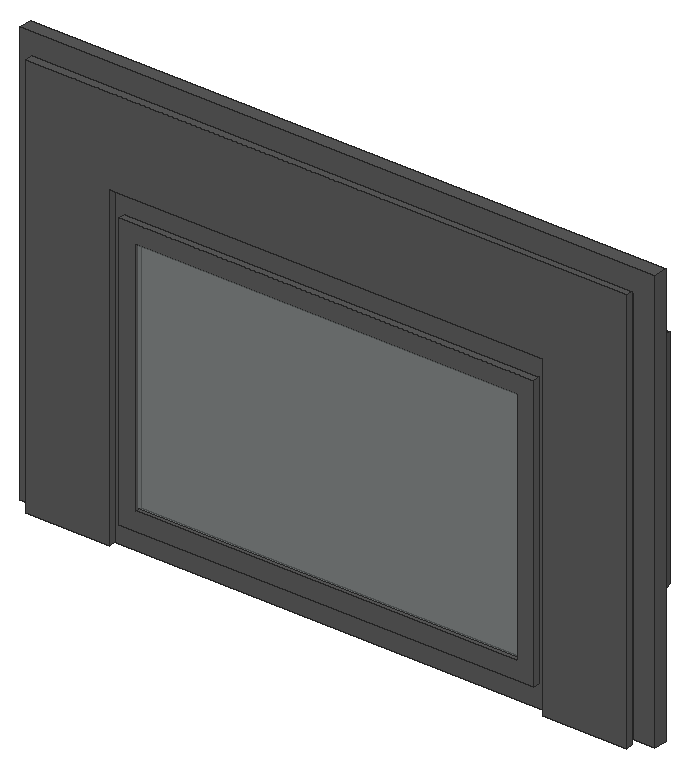
Revit family "34FID", category Generic Models, Revit 2019
Family settings
  Can host rebar = No
  Round Connector Dimension = Use Diameter
  Part Type = Normal
  Work Plane-Based = No
  Always vertical = Yes
  Cut with Voids When Loaded = No
  Shared = No
  Room Calculation Point = No
Parameters
  Width = 12 5/16"
  URL = "https://www.montigo.com/"
  Model = ""
  Manufacturer Fax = ""
  Manufacturer Website = "https://www.montigo.com/"
  Manufacturer Phone - Toll Free = "800-378-3115"
  Manufacturer Phone = ""
  Manufacturer Address = "27342 Gloucester Way  Langley, BC, Canada   V4W 4A1"
  Manufacturer = "Montigo"
  Length = 53 7/16"
  Keynote = ""
  Glazing Tint = Glass - Montigo - Tint as Specified
  Frame Material = Metal - Montigo - Black
  Firebox Material = Metal - Montigo - White
  Fire Place Length = 50 5/16"
  Fire Place Height = 24 1/2"
  Fire Place - Opening = 16 9/16"
  Description = "Montigo Fireplace as Specified"
  Base Height = 6 9/16"
Reference planes (in)
  plane 1 "Center (Front/Back)": y = 0
  plane 2: z = 0
  plane 3 "Center (Left/Right)": x = 0
Forms (in)
  Extrusion 1, solid, material "Metal - Montigo - Black" <- "Frame Material"
    sketch origin (0, 0, 0) x (1, 0, 0) y (0, 1, 0)
      loop
        line (16.75, 0) -> (11.9375, 14.5) -> (-11.9375, 14.5) -> (-16.75, 0) -> (16.75, 0)
    from 0 to 20.75
  Extrusion 2, void
    sketch origin (0, 0, 0) x (0, 1, 0) y (0, 0, 1)
      loop
        line (16, 21.75) -> (2.8125, 21.75) -> (16, 15.88889) -> (16, 21.75)
    from -15.875 to 15.95183
  Extrusion 3, solid, material "Metal - Montigo - Black" <- "Frame Material"
    sketch origin (-0.56009, 0, 0) x (1, 0, 0) y (0, 1, 0)
      loop
        line (-22.68991, 0) -> (-22.68991, -1) -> (23.81009, -1) -> (23.81009, 0) -> (-22.68991, 0)
    from 0 to 31
  Extrusion 4, solid, material "Metal - Montigo - Black" <- "Frame Material"
    sketch origin (-0.2051, -1, 0) x (1, 0, 0) y (0, 1, 0)
      loop
        line (-21.7949, -0.5) -> (-21.7949, -1) -> (22.2051, -1) -> (22.2051, -0.5) -> (-21.7949, -0.5)
    from 0 to 29.75
  Extrusion 5, solid, material "Metal - Montigo - Black" <- "Frame Material"
    sketch origin (-0.2051, -0.5, 0) x (1, 0, 0) y (0, 1, 0)
      loop
        line (-21.5449, -0.5) -> (-21.5449, -1) -> (21.81193, -1) -> (21.81193, -0.5) -> (-21.5449, -0.5)
    from 0 to 29.25263
  Extrusion 6, solid, material "Glass - Montigo - Tint as Specified" <- "Glazing Tint"
    sketch origin (42.25, -6.4375, 0) x (-1, 0, 0) y (0, 0, -1)
      loop
        line (56.25, -20.4375) -> (56.25, -2.9375) -> (28.25, -2.9375) -> (28.25, -20.4375) -> (56.25, -20.4375)
    from -4.9375 to -4.6875
  Extrusion 7, void
    sketch origin (14.80118, -6.4375, 29.61807) x (-1, 0, 0) y (0, 0, -1)
      loop
        line (-1.07382, 6.24307) -> (30.67618, 6.24307) -> (30.67618, 29.61807) -> (-1.07382, 29.61807) -> (-1.07382, 6.24307)
      loop
        line (29.98868, 27.99307) -> (-0.38632, 27.99307) -> (-0.38632, 7.86807) -> (29.98868, 7.86807) -> (29.98868, 27.99307)
      loop
        line (0.80118, 9.18057) -> (28.80118, 9.18057) -> (28.80118, 26.68057) -> (0.80118, 26.68057) -> (0.80118, 9.18057)
    from -4.9375 to -4.4375
Cuts and joins
  Extrusion 2 cuts Extrusion 1
  Extrusion 7 cuts Extrusion 4
Lines and regions (in)
  symbolic lines
    curve 1: line (-383.76617, 159.39833, 0) -> (-364.89117, 159.39833, 0)
Dimensions and locks (in)
  Extrusion 1 to level = 0"
  aligned and locked: level to plane 2
Nested families (in)
  nested 1: "Duct Dia" at (0, 8.30012, 19.31106) x (0, -0.9138, 0.4061) z (0, 0.4061, 0.9138), type "3""
    with Intake Duct Dia 3", Intake Diameter 2 7/8", Height 1"
  nested 2: "Duct Dia" at (0, 11.66802, 17.81421) x (0, -0.9138, 0.4061) z (0, 0.4061, 0.9138), type "3""
    with Intake Duct Dia 3", Intake Diameter 2 7/8", Height 1"
Connectors (in)
  hvac at (0, 12.07416, 18.72802)
    settings: on nested 2, index 1, duct flow 0.0 L/s, flow factor 0, pres drop 0.0 Pa, loss coef 0, conn angle 0.00°, conn width 76.2 mm, conn height 76.2 mm, conn diameter 76.2 mm, duct sys type 1, conn prof type 0, flow config 0, flow direction 0, loss method 0, conn ref index -1, conn util no, is conn primary yes, conn desc ""
  hvac at (0, 8.70626, 20.22487)
    settings: on nested 1, index 2, duct flow 0.0 L/s, flow factor 0, pres drop 0.0 Pa, loss coef 0, conn angle 0.00°, conn width 304.8 mm, conn height 304.8 mm, conn diameter 76.2 mm, duct sys type 3, conn prof type 0, flow config 0, flow direction 0, loss method 0, conn ref index -1, conn util no, is conn primary no, conn desc ""
Definition of nested family "Duct Dia"
  Parameters (values of type "15 7/8" Dia.")
    Intake Duct Dia = 15 7/8"
    Intake Diameter = Intake Duct Dia - 1/8"  # 15 3/4"
    Height = 4"
    Firebox Material = none
    Default Elevation = 48"
  Types (12): name | Intake Duct Dia | Intake Diameter | Height
    9 7/8" Dia. | 9 7/8" | 9 3/4" | 4"
    7 7/8" Dia | 7 7/8" | 7 3/4" | 4"
    8 1/8" Dia | 8 1/8" | 8" | 1/4"
    11 3/4" Dia | 11 3/4" | 11 5/8" | 4"
    4" Dia | 10" | 9 7/8" | 4"
    7 3/4" Dia | 7 3/4" | 7 5/8" | 4"
    6 7/8" Dia | 6 7/8" | 6 3/4" | 1/4"
    9 3/4" Dia. | 9 3/4" | 9 5/8" | 4"
    7 1/8" Dia | 7 1/8" | 7" | 1/4"
    11 7/8" Dia. | 11 7/8" | 11 3/4" | 4"
    13 7/8" Dia. | 13 7/8" | 13 3/4" | 4"
    15 7/8" Dia. | 15 7/8" | 15 3/4" | 4"
  Reference planes (in)
    plane 1 "Center (Front/Back)": y = 0
    plane 2: z = 0
    plane 3 "Center (Left/Right)": x = 0
    plane 4: z = 4
  Forms (in)
    Extrusion 1, solid
      sketch origin (0, 0, 0) x (1, 0, 0) y (0, 1, 0)
        loop
          line (-48, 48) -> (-48, -48) -> (48, -48) -> (48, 48) -> (-48, 48)
      from 0 to -12
    Extrusion 2, solid, material <- "Firebox Material"
      sketch origin (0, 0, 0) x (1, 0, 0) y (0, 1, 0)
        loop
          circle (0, 0) r 7.9375
        loop
          circle (0, 0) r 7.875
      from 0 to 4
  Dimensions and locks (in)
    "Height": plane 4 to level
    "Intake Duct Dia": diameter of Extrusion 2 sketch curve
    "Intake Diameter": diameter of Extrusion 2 sketch curve
    aligned and locked: plane 2 to Extrusion 1
    aligned and locked: level to Extrusion 1
    aligned and locked: plane 4 to Extrusion 2
  Automatic sketch dimensions
    Extrusion 1 sketch curve to Extrusion 1 sketch curve = 96"  (x2)
    Extrusion 2 sketch curve to Extrusion 2 sketch curve = 0"  (x2)
    plane 1 "Center (Front/Back)" to Extrusion 2 sketch curve = 0"
    Extrusion 2 sketch curve to plane 3 "Center (Left/Right)" = 0"
